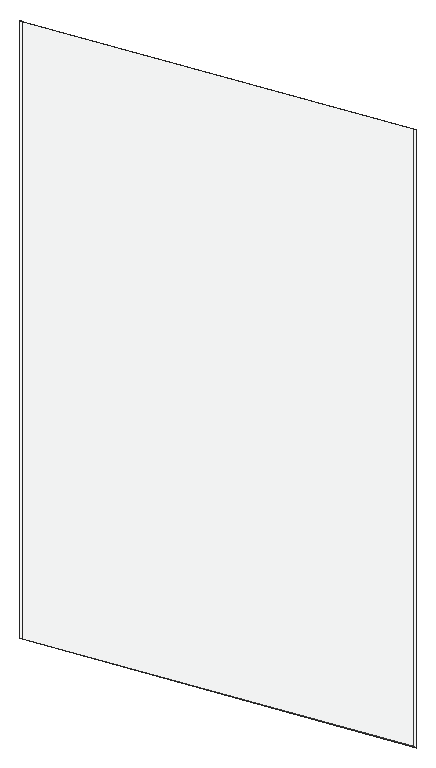
Revit family "M_Panel - Glazed", category Balusters, Revit 2018
Family settings
  Always vertical = Yes
  Cut with Voids When Loaded = No
  Shared = No
Parameters (values of type "800mm")
  Length = 800 mm
  built-in parameter 1008623 [instance] = (empty or 0)
  Glazed Thickness = 5 mm
  built-in parameter 1008625 [instance] = 32.47°
  Post = no
  Material = Glass
  built-in parameter 1008624 [instance] = (empty or 0)
  built-in parameter 1008622 [instance] = 900 mm
  Assembly Code = ""
Reference planes
  plane 1 "Center (Front/Back)": y = 0
  plane 2: z = 0
  plane 3 "Center (Left/Right)": x = -4.225
  plane 4: z = 900
  plane 5 "Slope Angle (Top)": through (0, 407.639, 640.605) normal (0, -0.5369, -0.8437)
  plane 6 "Slope Angle (Bottom)": through (0, 0, 0) normal (0, -0.5369, -0.8437)
  plane 7 "Front": y = 400
  plane 8 "Back": y = -400
  plane 9: x = -6.725
  plane 10: x = -1.725
Forms (mm)
  Extrusion 1, solid, material "Glass" <- "Material"
    sketch origin (-4.225, 0, 0) x (0, 1, 0) y (0, 0, 1)
      loop
        line (400, -254.534) -> (400, 645.466) -> (-400, 1154.534) -> (-400, 254.534) -> (400, -254.534)
    from -2.5 to 2.5
Text (mm)
  text "Baluster Panel Elevation" at (0, 1021.817, 1234.25), in view "Left"
Dimensions and locks
  "built-in parameter 1008622": plane 2 to plane 4
  equal spacing: plane 7 "Front", plane 1 "Center (Front/Back)", plane 8 "Back"
  "Length": plane 7 "Front" to plane 8 "Back"
  "Glazed Thickness": plane 9 to plane 10
  equal spacing: plane 9, plane 3 "Center (Left/Right)", plane 10
  "built-in parameter 1008625": angle plane 4 to plane 5 "Slope Angle (Top)"
  "built-in parameter 1008625": angle level to plane 6 "Slope Angle (Bottom)"
  aligned and locked: Extrusion 1 sketch curve to plane 8 "Back"
  aligned and locked: Extrusion 1 to plane 10
  aligned and locked: plane 9 to Extrusion 1
  aligned and locked: Extrusion 1 sketch curve to plane 6 "Slope Angle (Bottom)"
  aligned and locked: plane 5 "Slope Angle (Top)" to Extrusion 1 sketch curve
Automatic sketch dimensions
  Extrusion 1 sketch curve to plane 7 "Front" = 0 mm
